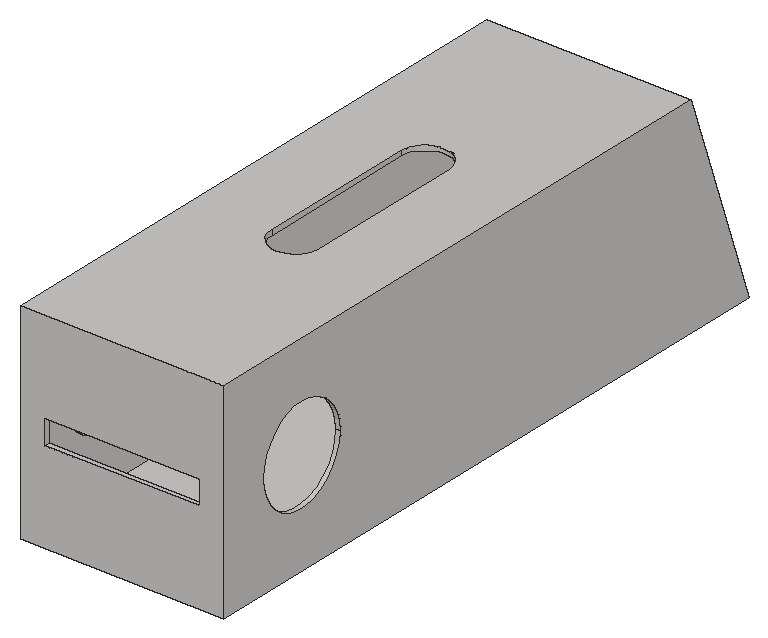
Revit family "NBS_DudleyIndustriesLimited_PprTwlDpnsrs_3RollPlasmaRange_77974SS", category Specialty Equipment, host Face, Revit 2019
Family settings
  Host = Face
  Round Connector Dimension = Use Diameter
  Part Type = Normal
  Cut with Voids When Loaded = No
  Shared = No
  Room Calculation Point = No
Parameters
  WarrantyStartDate [instance] = "1900-12-31T23:59:59"
  WarrantyGuarantorParts = "n/a"
  WarrantyGuarantorLabor = "n/a"
  WarrantyDurationUnit = "year"
  WarrantyDurationParts = "n/a"
  WarrantyDurationLabor = "n/a"
  WarrantyDescription = "n/a"
  Version = "1"  # constant formula
  Uniclass2015Version = "Products v1.22"
  Uniclass2015Title = "Paper towel dispensers"
  Uniclass2015Code = "Pr_40_70_22_62"
  TagNumber [instance] = "n/a"
  SustainabilityPerformance = "n/a"
  Style = "n/a"
  Status = "UNSET"
  Size = "405mm x 126mm x 129mm"
  Shape = "n/a"
  SerialNumber [instance] = "n/a"
  Revision = "n/a"
  ReplacementCost = "n/a"
  Reference = "n/a"
  RecycledContent = "n/a"
  Recyclability = "n/a"
  ProductInformation = "https://www.dudleyindustries.com/washroom/product-category/all-products/paper-towel-dispensers/page/2/"
  Operation = "n/a"
  NominalWidth = 126 mm
  NominalLength = 126 mm
  NominalHeight = 405 mm
  NominalDepth = 129 mm
  Name = "ToiletPaperDispensers_3RollPlasmaRange_77974SS_DudleyIndustriesLimited_NBS"
  NBSReference = "45-35-72/344"
  NBSDescription = "Paper towel dispensers"
  NBSCertification = "www.nationalbimlibrary.com/cert/hgd0aidy"
  ModelReference = "Toilet Roll Plasma Dispenser Three Roll 77974SS"
  ModelNumber = "77974SS"
  MaterialsFinishAndColour = "n/a"
  MaterialsBody = "n/a"
  Material = "Stainless Steel"
  ManufacturerURL = "www.dudleyindustries.com"
  ManufacturerName = "Dudley Industries Limited"  # constant formula
  Manufacturer = "n/a"
  MainColor = "n/a"
  IsBuiltIn = no
  IntegralAccessories = "n/a"
  InstallationDate [instance] = "1900-12-31T23:59:59"
  IfcExportType = "NOTDEFINED"  # constant formula
  IfcExportAs = "IfcFurnitureType"  # constant formula
  Grade = "n/a"
  Form = "n/a"
  Finish = "Brushed / Polished / Powder Coated"
  Features = "n/a"
  ExpectedLife = "n/a"
  EmbodiedCarbon = "n/a"
  DurationUnit = "n/a"
  DispenserWidth = 126 mm  # constant formula
  DispenserMaterial = NBS_DudleyIndustries_StainlessSteel_Polished
  DispenserHeight = 405 mm  # constant formula
  DispenserDepth = 129 mm  # constant formula
  Description = "Sleek brushed stainless steel three-roll toilet roll holder"
  Default Elevation = 1150 mm
  CountryOfProductManufacture = "n/a"
  CountryOfMaterialOrigin = "n/a"
  ContainsRedListMaterials = "n/a"
  Constituents = "n/a"
  Color = "Brushed / Polished / Powder Coated"
  CodePerformance = "n/a"
  Category = "Pr_40_70_22_90:Toilet paper dispensers"
  BarCode = "n/a"
  BIMObjectName = "NBS_DudleyIndustriesLimited_ToiletPaperDispensers_3RollPlasmaRange_77974SS"
  Author = "NBS"  # constant formula
  AssetType = "Fixed"
  AssetIdentifier [instance] = "n/a"
  AccessibilityPerformance = "n/a"
Reference planes
  plane 1 "Center (Front/Back)": y = 0
  plane 2: z = 0
  plane 3 "Center (Left/Right)": x = 0
  plane 4 "Left": x = -63
  plane 5 "Right": x = 63
  plane 6 "Top": y = 202.5
  plane 7 "Bottom": y = -202.5
  plane 8 "Front": z = 129
  plane 9: y = 46.529
  plane 10: y = -83.471
  plane 11: x = -15
  plane 12: x = 15
  plane 13: x = -60
  plane 14: x = 60
  plane 15: y = -142.5
  plane 16: z = 64.5
  plane 17: z = 20
Forms (mm)
  Extrusion 1, solid, material "NBS_DudleyIndustries_StainlessSteel_Polished" <- "DispenserMaterial", detail levels medium+fine
    sketch origin (0, 0, 0) x (0, 1, 0) y (0, 0, 1)
      loop
        line (202.5, 0) -> (158.082, 129) -> (-202.5, 129) -> (-202.5, 0) -> (202.5, 0)
    from -63 to 63
  Extrusion 2, void
    sketch origin (0, 0, 0) x (1, 0, 0) y (0, 1, 0)
      loop
        arc (-15, -68.483) -> (0, -83.483) -> (15, -68.483) r 15
        line (15, -68.483) -> (15, 31.537)
        arc (15, 31.537) -> (0, 46.537) -> (-15, 31.537) r 15
        line (-15, 31.537) -> (-15, -68.483)
    from 78.739 to 134.588
  Extrusion 3, void
    sketch origin (0, 0, 0) x (0, 1, 0) y (0, 0, 1)
      loop
        line (155.942, 126) -> (-199.5, 126) -> (-199.5, 3) -> (198.294, 3) -> (155.942, 126)
    from -60 to 60
  Extrusion 4, void
    sketch origin (0, 0, 0) x (0, 1, 0) y (0, 0, 1)
      loop
        circle (-142.5, 64.5) r 30
    from -104.265 to 101.309
  Extrusion 5, solid, material "NBS_DudleyIndustries_StainlessSteel_Polished" <- "DispenserMaterial", detail levels medium+fine
    sketch origin (0, 0, 0) x (1, 0, 0) y (0, 0, 1)
      loop
        circle (0, 20) r 5
    from -200.355 to -187.946
  Extrusion 6, void
    sketch origin (0, 0, 0) x (1, 0, 0) y (0, 0, 1)
      loop
        line (-48, 72) -> (-48, 57) -> (48, 57) -> (48, 72) -> (-48, 72)
    from 0 to 219.912
  Extrusion 7, solid, material "NBS_DudleyIndustries_StainlessSteel_Polished" <- "DispenserMaterial", detail levels coarse
    sketch origin (0, 0, 0) x (0, 1, 0) y (0, 0, 1)
      loop
        line (-204.5, 0) -> (204.615, 0) -> (159.508, 131) -> (-204.5, 131) -> (-204.5, 0)
    from -63 to 63
Cuts and joins
  Extrusion 2, Extrusion 3, Extrusion 4, Extrusion 6 cuts Extrusion 1
  joined: Extrusion 1, Extrusion 5
Dimensions and locks
  equal spacing: plane 4 "Left", plane 3 "Center (Left/Right)", plane 5 "Right"
  "DispenserWidth": plane 4 "Left" to plane 5 "Right"
  equal spacing: plane 6 "Top", plane 1 "Center (Front/Back)", plane 7 "Bottom"
  "DispenserHeight": plane 6 "Top" to plane 7 "Bottom"
  "DispenserDepth": plane 2 to plane 8 "Front"
  locked: plane 9 to plane 10 at 130
  equal spacing: plane 11, plane 3 "Center (Left/Right)", plane 12
  locked: plane 11 to plane 12 at 30
  plane 4 "Left" to plane 13 = 3 mm
  plane 14 to plane 5 "Right" = 3 mm
  plane 15 to plane 7 "Bottom" = 60 mm
  plane 2 to plane 16 to plane 8 "Front" = 64.5 mm, 64.5 mm
  locked: plane 17 to plane 2 at 20
  angle Extrusion 1 sketch curve to Extrusion 1 sketch curve = 109.00°
  aligned and locked: plane 2 to host face
  aligned and locked: level to host face
  aligned and locked: plane 8 "Front" to Extrusion 1 sketch curve
  aligned and locked: plane 7 "Bottom" to Extrusion 1 sketch curve
  aligned and locked: Extrusion 1 to plane 4 "Left"
  aligned and locked: plane 5 "Right" to Extrusion 1
  aligned and locked: plane 11 to Extrusion 2 sketch curve
  aligned and locked: plane 12 to Extrusion 2 sketch curve
  aligned and locked: Extrusion 3 to plane 13
  aligned and locked: plane 14 to Extrusion 3
  aligned and locked: plane 15 to Extrusion 4 sketch curve
  aligned and locked: plane 16 to Extrusion 4 sketch curve
  aligned and locked: Extrusion 7 to plane 4 "Left"
  aligned and locked: plane 5 "Right" to Extrusion 7
Automatic sketch dimensions
  host sketch curve to host sketch curve = 2438.4 mm  (x2)
  Extrusion 1 sketch curve to plane 6 "Top" = 0 mm
  Extrusion 1 sketch curve to level = 0 mm
  plane 10 to Extrusion 2 sketch curve = 14.989 mm
  Extrusion 2 sketch curve to plane 9 = 14.992 mm
  level to Extrusion 3 sketch curve = 3 mm
  Extrusion 3 sketch curve to plane 6 "Top" = 4.206 mm
  plane 7 "Bottom" to Extrusion 3 sketch curve = 3 mm
  plane 8 "Front" to Extrusion 3 sketch curve = 3 mm
  Extrusion 3 sketch curve to plane 6 "Top" = 46.558 mm
  Extrusion 5 sketch curve to plane 3 "Center (Left/Right)" = 0 mm
  Extrusion 5 sketch curve to plane 17 = 0 mm
  plane 13 to Extrusion 6 sketch curve = 12 mm
  Extrusion 6 sketch curve to plane 14 = 12 mm
  plane 16 to Extrusion 6 sketch curve = 7.5 mm
  Extrusion 6 sketch curve to plane 16 = 7.5 mm
  Extrusion 7 sketch curve to plane 8 "Front" = 2 mm
  Extrusion 7 sketch curve to level = 0 mm
  plane 6 "Top" to Extrusion 7 sketch curve = 2.115 mm
  Extrusion 7 sketch curve to plane 7 "Bottom" = 2 mm
  Extrusion 7 sketch curve to plane 6 "Top" = 42.992 mm
  radius of Extrusion 4 sketch curve = 30 mm
  radius of Extrusion 5 sketch curve = 5 mm
